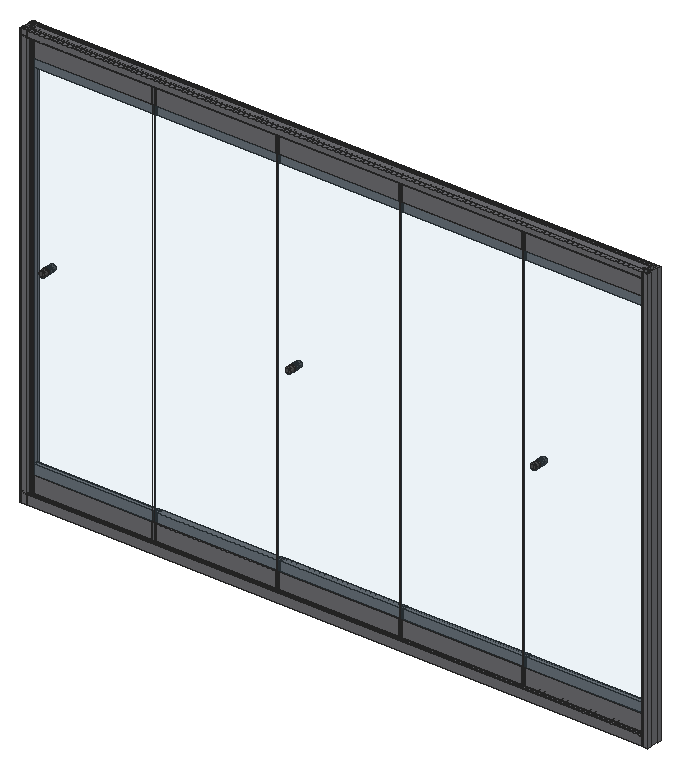
Revit family "QFL5 RH", category Doors, host Wall, Revit 2024 (continued)
Automatic sketch dimensions
  Extrusion 17 sketch curve to Extrusion 17 sketch curve = 20 mm  (x3)
  Extrusion 17 sketch curve to Extrusion 17 sketch curve = 70 mm
  Extrusion 17 sketch curve to Extrusion 17 sketch curve = 35 mm
  level to Extrusion 17 sketch curve = 166 mm
  Extrusion 17 sketch curve to Extrusion 17 sketch curve = 45 mm
  level to Extrusion 17 sketch curve = 51 mm
  Extrusion 18 sketch curve to host wall = 33.496 mm  (x2)
  Extrusion 18 sketch curve to Extrusion 18 sketch curve = 4.9 mm  (x3)
  Extrusion 18 sketch curve to Extrusion 18 sketch curve = 10 mm  (x4)
  host wall to Extrusion 18 sketch curve = 2.504 mm  (x2)
  host wall to Extrusion 18 sketch curve = 5.604 mm  (x2)
  Extrusion 18 sketch curve to Extrusion 18 sketch curve = 8 mm
  level to Extrusion 18 sketch curve = 31 mm  (x2)
  Extrusion 18 sketch curve to Extrusion 18 sketch curve = 20 mm  (x3)
  Extrusion 18 sketch curve to Extrusion 18 sketch curve = 70 mm
  Extrusion 18 sketch curve to Extrusion 18 sketch curve = 35 mm
  plane 5 to Extrusion 18 sketch curve = 174 mm
  Extrusion 18 sketch curve to Extrusion 18 sketch curve = 45 mm
  plane 5 to Extrusion 18 sketch curve = 59 mm
  Extrusion 19 sketch curve to host wall = 33.496 mm  (x2)
  Extrusion 19 sketch curve to Extrusion 19 sketch curve = 1.79 mm  (x4)
  Extrusion 19 sketch curve to Extrusion 19 sketch curve = 0 mm
  Extrusion 19 sketch curve to Extrusion 19 sketch curve = 0.01 mm
  Extrusion 19 sketch curve to Extrusion 19 sketch curve = 1.8 mm  (x6)
  Extrusion 19 sketch curve to Extrusion 19 sketch curve = 0.51 mm  (x2)
  Extrusion 19 sketch curve to Extrusion 19 sketch curve = 3.11 mm  (x2)
  Extrusion 19 sketch curve to Extrusion 19 sketch curve = 8.21 mm  (x2)
  Extrusion 19 sketch curve to Extrusion 19 sketch curve = 1.028 mm  (x2)
  host wall to Extrusion 19 sketch curve = 0.504 mm  (x2)
  host wall to Extrusion 19 sketch curve = 2.504 mm  (x2)
  host wall to Extrusion 19 sketch curve = 5.604 mm  (x2)
  host wall to Extrusion 19 sketch curve = 8.2 mm  (x2)
  Extrusion 19 sketch curve to Extrusion 19 sketch curve = 3.1 mm  (x2)
  Extrusion 19 sketch curve to Extrusion 19 sketch curve = 0.514 mm
  Extrusion 19 sketch curve to Extrusion 19 sketch curve = 6.21 mm
  Extrusion 19 sketch curve to Extrusion 19 sketch curve = 0.05 mm
  Extrusion 19 sketch curve to Extrusion 19 sketch curve = 0.554 mm
  level to Extrusion 19 sketch curve = 31 mm  (x2)
  Extrusion 19 sketch curve to Extrusion 19 sketch curve = 2 mm  (x6)
  Extrusion 19 sketch curve to Extrusion 19 sketch curve = 1.6 mm  (x4)
  Extrusion 19 sketch curve to Extrusion 19 sketch curve = 12.367 mm  (x2)
  Extrusion 19 sketch curve to Extrusion 19 sketch curve = 12.517 mm  (x2)
  Extrusion 19 sketch curve to Extrusion 19 sketch curve = 1.048 mm  (x2)
  Extrusion 19 sketch curve to Extrusion 19 sketch curve = 0.963 mm  (x2)
  Extrusion 19 sketch curve to Extrusion 19 sketch curve = 2.92 mm  (x2)
  Extrusion 19 sketch curve to Extrusion 19 sketch curve = 66.2 mm
  Extrusion 19 sketch curve to Extrusion 19 sketch curve = 33.962 mm
  Extrusion 19 sketch curve to Extrusion 19 sketch curve = 1.038 mm  (x2)
  Extrusion 19 sketch curve to Extrusion 19 sketch curve = 9.238 mm
  plane 5 to Extrusion 19 sketch curve = 174 mm
  Extrusion 19 sketch curve to Extrusion 19 sketch curve = 8.2 mm
  Extrusion 19 sketch curve to Extrusion 19 sketch curve = 43.2 mm
  plane 5 to Extrusion 19 sketch curve = 60.8 mm
  Extrusion 19 sketch curve to Extrusion 19 sketch curve = 2.985 mm
  host wall to Extrusion 20 sketch curve = 2.504 mm
  Extrusion 20 sketch curve to Extrusion 20 sketch curve = 8 mm
  level to Extrusion 20 sketch curve = 121 mm
  plane 5 to Extrusion 20 sketch curve = 129 mm
  Extrusion 21 sketch curve to host wall = 33.496 mm  (x2)
  Extrusion 21 sketch curve to Extrusion 21 sketch curve = 4.9 mm  (x3)
  Extrusion 21 sketch curve to Extrusion 21 sketch curve = 10 mm  (x4)
  host wall to Extrusion 21 sketch curve = 2.504 mm  (x2)
  host wall to Extrusion 21 sketch curve = 5.604 mm  (x2)
  Extrusion 21 sketch curve to Extrusion 21 sketch curve = 8 mm
  plane 5 to Extrusion 21 sketch curve = 39 mm
  Extrusion 21 sketch curve to Extrusion 21 sketch curve = 0 mm
  Extrusion 21 sketch curve to Extrusion 21 sketch curve = 20 mm  (x3)
  Extrusion 21 sketch curve to Extrusion 21 sketch curve = 70 mm
  Extrusion 21 sketch curve to Extrusion 21 sketch curve = 35 mm
  level to Extrusion 21 sketch curve = 166 mm
  Extrusion 21 sketch curve to Extrusion 21 sketch curve = 45 mm
  level to Extrusion 21 sketch curve = 51 mm
  Extrusion 22 sketch curve to host wall = 33.496 mm  (x2)
  Extrusion 22 sketch curve to Extrusion 22 sketch curve = 4.9 mm  (x3)
  Extrusion 22 sketch curve to Extrusion 22 sketch curve = 10 mm  (x4)
  host wall to Extrusion 22 sketch curve = 2.504 mm  (x2)
  host wall to Extrusion 22 sketch curve = 5.604 mm  (x2)
  Extrusion 22 sketch curve to Extrusion 22 sketch curve = 8 mm
  level to Extrusion 22 sketch curve = 31 mm  (x2)
  Extrusion 22 sketch curve to Extrusion 22 sketch curve = 20 mm  (x3)
  Extrusion 22 sketch curve to Extrusion 22 sketch curve = 70 mm
  Extrusion 22 sketch curve to Extrusion 22 sketch curve = 35 mm
  plane 5 to Extrusion 22 sketch curve = 174 mm
  Extrusion 22 sketch curve to Extrusion 22 sketch curve = 45 mm
  plane 5 to Extrusion 22 sketch curve = 59 mm
  host wall to Revolve 23 sketch curve = 10.504 mm
  Revolve 23 sketch curve to Revolve 23 sketch curve = 3 mm
  Revolve 23 sketch curve to Revolve 23 sketch curve = 5 mm  (x2)
  Revolve 23 sketch curve to Revolve 23 sketch curve = 16 mm
  Revolve 23 sketch curve to Revolve 23 sketch curve = 1 mm  (x2)
  plane 5 to Revolve 23 sketch curve = 1035 mm
  Revolve 23 sketch curve to Revolve 23 sketch curve = 0 mm  (x4)
  Revolve 23 sketch curve to Revolve 23 sketch curve = 14 mm
  host wall to Revolve 24 sketch curve = 10.504 mm
  Revolve 24 sketch curve to Revolve 24 sketch curve = 3 mm
  Revolve 24 sketch curve to Revolve 24 sketch curve = 5 mm  (x2)
  Revolve 24 sketch curve to Revolve 24 sketch curve = 16 mm
  Revolve 24 sketch curve to Revolve 24 sketch curve = 1 mm  (x2)
  plane 5 to Revolve 24 sketch curve = 1035 mm
  Revolve 24 sketch curve to Revolve 24 sketch curve = 0 mm  (x4)
  Revolve 24 sketch curve to Revolve 24 sketch curve = 14 mm
  host wall to Revolve 25 sketch curve = 10.504 mm
  Revolve 25 sketch curve to Revolve 25 sketch curve = 3 mm
  Revolve 25 sketch curve to Revolve 25 sketch curve = 5 mm  (x2)
  Revolve 25 sketch curve to Revolve 25 sketch curve = 16 mm
  Revolve 25 sketch curve to Revolve 25 sketch curve = 1 mm  (x2)
  plane 5 to Revolve 25 sketch curve = 1035 mm
  Revolve 25 sketch curve to Revolve 25 sketch curve = 0 mm  (x4)
  Revolve 25 sketch curve to Revolve 25 sketch curve = 14 mm
  host wall to Revolve 26 sketch curve = 2.504 mm
  Revolve 26 sketch curve to host wall = 0.496 mm
  Revolve 26 sketch curve to host wall = 5.496 mm
  Revolve 26 sketch curve to Revolve 26 sketch curve = 5 mm
  Revolve 26 sketch curve to Revolve 26 sketch curve = 16 mm
  Revolve 26 sketch curve to Revolve 26 sketch curve = 1 mm  (x2)
  level to Revolve 26 sketch curve = 1048.136 mm
  Revolve 26 sketch curve to Revolve 26 sketch curve = 10 mm
  Revolve 26 sketch curve to Revolve 26 sketch curve = 14 mm
  Revolve 26 sketch curve to Revolve 26 sketch curve = 0 mm  (x3)
  host wall to Revolve 27 sketch curve = 2.504 mm
  Revolve 27 sketch curve to host wall = 0.496 mm
  Revolve 27 sketch curve to host wall = 5.496 mm
  Revolve 27 sketch curve to Revolve 27 sketch curve = 5 mm
  Revolve 27 sketch curve to Revolve 27 sketch curve = 16 mm
  Revolve 27 sketch curve to Revolve 27 sketch curve = 1 mm  (x2)
  level to Revolve 27 sketch curve = 1048.136 mm
  Revolve 27 sketch curve to Revolve 27 sketch curve = 10 mm
  Revolve 27 sketch curve to Revolve 27 sketch curve = 14 mm
  Revolve 27 sketch curve to Revolve 27 sketch curve = 0 mm  (x3)
  host wall to Revolve 28 sketch curve = 2.504 mm
  Revolve 28 sketch curve to host wall = 0.496 mm
  Revolve 28 sketch curve to host wall = 5.496 mm
  Revolve 28 sketch curve to Revolve 28 sketch curve = 5 mm
  Revolve 28 sketch curve to Revolve 28 sketch curve = 16 mm
  Revolve 28 sketch curve to Revolve 28 sketch curve = 1 mm  (x2)
  level to Revolve 28 sketch curve = 1048.136 mm
  Revolve 28 sketch curve to Revolve 28 sketch curve = 10 mm
  Revolve 28 sketch curve to Revolve 28 sketch curve = 14 mm
  Revolve 28 sketch curve to Revolve 28 sketch curve = 0 mm  (x3)
  curve 35 to plane 2 "Center (Left/Right)" = 26.559 mm
  plane 2 "Center (Left/Right)" to curve 35 = 11.546 mm
  curve 36 to host wall = 37.5 mm
  plane 2 "Center (Left/Right)" to curve 36 = 245.726 mm
  curve 40 to host wall = 37.5 mm
  curve 38 to curve 40 = 38.105 mm
  curve 34 to curve 39 = 544.569 mm
  curve 29 to curve 30 = 38.105 mm
  curve 29 to host wall = 37.5 mm
  curve 37 to curve 29 = 544.569 mm
  curve 23 to host wall = 37.5 mm
  curve 24 to curve 23 = 38.105 mm
  plane 4 "Right" to curve 26 = 373.105 mm
  curve 25 to curve 21 = 38.105 mm
  plane 4 "Right" to curve 22 = 62.715 mm
  curve 27 to host wall = 37.5 mm
  curve 23 to curve 30 = 22 mm
